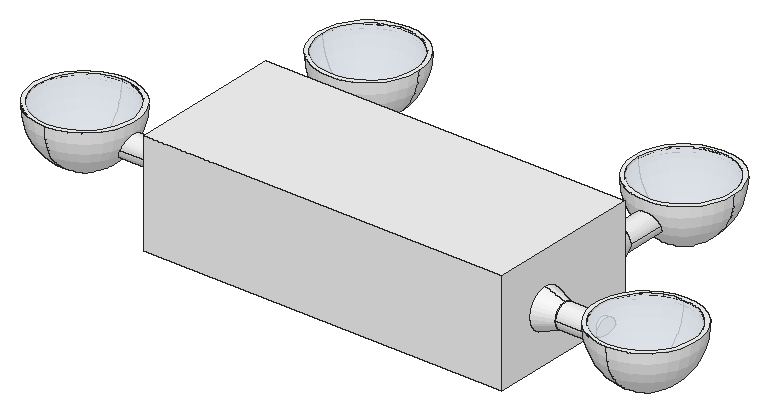
Revit family "LM", category Lighting Fixtures, host Face, Revit 2013
Parameters (values of type "LM 1")
  zz Angle 1 [instance] = if(Rotation Angle < 45.00°, 45.00°, if(Rotation Angle > 135.00°, 135.00°, Rotation Angle))  # 90.00°
  Wattage Comments = "130W"
  Watt = 130 W
  Voltage = 120 V
  URL = "http://www.dual-lite.com/"
  Product Page URL = "http://www.dual-lite.com/products/lf_lm"
  Product Documentation Link = "http://cdn.dual-lite.com/content/products/specs/specs_files/dlt_lm_specsht.pdf"
  Power factor = 1
  Model = "LM"  # constant formula
  Manufacturer Phone = "864-678-1000"  # constant formula
  Manufacturer Fax = "866-898-0131"  # constant formula
  Manufacturer = "Dual-Lite Lighting"  # constant formula
  Load Classification = Lighting
  Lens = Hubbell - Glass
  Lamp = "LED Lamp"  # constant formula
  Housing = LM Housing : LM Housing1
  Height = 5.750"
  LAMP Height = 4.000"
  Finish = Hubbell - White
  Width = 13.500"
  Description = "Emergency Light, Steel Housing"  # constant formula
  Depth = 3.875"
  Default Elevation = 48.000"
  Assembly Code = ""
  Apparent Load = 2.7 VA  # constant formula
  Rotation Angle [instance] = 90.00°
  277 Voltage = not([120 Voltage])  # no
  120 Voltage = yes
Types (2): name | Housing | LAMP Height
  LM 1 | LM Housing : LM Housing1 | 4.000"
  LM 2 | LM Housing : LM Housing 2 | 2.000"
Reference planes (in)
  plane 1 "Center (Front/Back)": y = 0
  plane 2: z = 0
  plane 3 "Center (Left/Right)": x = 0
  plane 4: y = 5.75
  plane 5: y = -5.75
  plane 6: z = 3.875
  plane 7: x = 2
  plane 8: x = -5.9375
  plane 9: z = 1.9375
  plane 10: x = -6.75
  plane 11: x = 6.75
  plane 12: x = 5.9375
  plane 13: x = -7.875
  plane 14: x = 7.875
  plane 15: y = -3.75
  plane 16: y = -7.75
Dimensions and locks (in)
  locked: plane 4 to plane 1 "Center (Front/Back)" at 5.75
  plane 6 to plane 2 = 3.875"
  equal spacing: plane 6, plane 9, level
  equal spacing: plane 10, plane 3 "Center (Left/Right)", plane 11
  "Height": plane 5 to plane 1 "Center (Front/Back)"
  "Depth": plane 6 to host face
  "LAMP Height": plane 15 to plane 16
  "zz Angle 1": angle nested 1 to plane 8
  "zz Angle 1": angle nested 2 to plane 9
  aligned and locked: plane 2 to host face
  aligned and locked: level to host face
  aligned and locked: plane 9 to nested 1
  aligned and locked: plane 8 to nested 1
  aligned and locked: plane 9 to nested 2
  aligned and locked: plane 3 "Center (Left/Right)" to nested 5
  aligned and locked: nested 5 to plane 1 "Center (Front/Back)"
  aligned and locked: plane 15 to nested 4
  aligned and locked: nested 3 to plane 15
  aligned and locked: plane 9 to nested 3
  aligned and locked: plane 9 to nested 4
Automatic sketch dimensions
  host sketch curve to host sketch curve = 96.000"  (x2)
Nested families (in)
  nested 1: "LM Retrofit" at (-5.9375, 0, 1.9375) x (1, 0, 0) z (0, 1, 0), type "LM Retrofit"
    with zz Length 1 1.000", Single Face no, Double Face yes
  nested 2: "LM Retrofit" at (5.9375, 0, 1.9375) x (1, 0, 0) z (0, 1, 0), type "LM Retrofit"
    with zz Length 1 1.000", Single Face no, Double Face yes
  nested 3: "LM Retrofit" at (6.75, -3.75, 1.9375) x (0, -1, 0) z (1, 0, 0), type "LM Retrofit"
    with zz Length 1 1.000", Single Face no, Double Face yes
  nested 4: "LM Retrofit" at (-6.75, -3.75, 1.9375) x (0, 1, 0) z (-1, 0, 0), type "LM Retrofit"
    with zz Length 1 1.000", Single Face no, Double Face yes
  nested 5: "LM Housing" at (0, -2.875, 0), type <- "Housing", type "LM Housing1"
    with zz Length 1 1.000", Single Face no, Double Face yes
Connectors (in)
  electrical at (0, -2.875, 0), driven by "Voltage", driven by "Apparent Load"
    settings: on nested 5, index 1, voltage 120 V, apparent load 2.7 VA, apparent load phase1 0 VA, apparent load phase2 0 VA, apparent load phase3 0 VA, power factor 1, load classification "Other", number of poles 1, system type 30, power factor state 1, is connector primary yes, connector utility no, sub classification motor no, connector description "Lighting Connector"
Definition of nested family "LM Retrofit"
  Parameters (values of type "CWRS")
    zz Length 1 [instance] = if(Single Face, 0.850", 1.000")  # 1.000"
    Watts = 1.88 W
    Wattage Comments = "1.78 - 1.88 W"
    Wattage = 130 W
    built-in parameter 1150110 = 1 (stored number, unit not read)
    Voltage = 120 V
    URL = ""
    built-in parameter 1114217 = 1 (stored number, unit not read)
    Tilt Angle = 60.00°
    built-in parameter 1150109 = 1 (stored number, unit not read)
    built-in parameter 1150134 = 3
    built-in parameter 1150113 = 1 (stored number, unit not read)
    Single Face [instance] = no
    Product Page URL = ""
    Product Documentation Link = ""
    Photometric Web File = "lm-0607.ies"
    Model = ""
    Manufacturer Phone = "864-678-1000"
    Manufacturer Fax = "866-898-0131"
    Manufacturer = ""
    built-in parameter 1150105 = 1536.7 (stored number, unit not read)
    Lumens = 19310.5 lm
    built-in parameter 1150115 = 1 (stored number, unit not read)
    Load Classification = Lighting
    built-in parameter 1150137 = (empty or 0)
    built-in parameter 1150139 = (empty or 0)
    Lens = Hubbell - Glass
    built-in parameter 1150112 = 1 (stored number, unit not read)
    built-in parameter 1150114 = 1 (stored number, unit not read)
    Lamp = "LED Lamp"  # constant formula
    Is 277VAC = not(Is 120VAC)  # no
    Is 120VAC = yes
    built-in parameter 1150132 = (empty or 0)
    built-in parameter 1150102 = (empty or 0)
    built-in parameter 1150107 = 3200 (stored number, unit not read)
    built-in parameter 1150138 = (empty or 0)
    built-in parameter 1150106 = 15.367 (stored number, unit not read)
    Finish = Hubbell - White
    Emit from Circle Diameter = 3.000"
    Emit Shape Visible in Rendering = no
    built-in parameter 1150104 = 13.8 (stored number, unit not read)
    Double Face [instance] = not(Single Face)  # yes
    Dimming Lamp Color Temperature Shift = (empty or 0)
    Description = ""
    Default Elevation = 48.000"
    Color Filter = 16777215
    built-in parameter 1114218 = 1 (stored number, unit not read)
    built-in parameter 1150133 = 10 (stored number, unit not read)
    Apparent Load = Watts  # 1.88 VA
  Reference planes (in)
    plane 1 "Center (Front/Back)": y = 0
    plane 2: z = 0
    plane 3 "Center (Left/Right)": x = 0
    plane 4: z = 5.75
    plane 5: y = 1.3
    plane 6: y = -1.3
    plane 7: x = -2.145
    plane 8: x = 2.145
    plane 9: z = 1.88723
  Forms (in)
    Extrusion 1, solid
      sketch origin (0, 0, 0) x (1, 0, 0) y (0, 1, 0)
        loop
          line (-48, 48) -> (-48, -48) -> (48, -48) -> (48, 48) -> (-48, 48)
      from 0 to -4.36577
    Revolve 2, solid, material "Hubbell - White" <- "Finish"
      sketch origin (0, 0, 0) x (0, 1, 0) y (0, 0, 1)
        loop
          line (0, 0) -> (0.73706, 0) -> (0.44916, 0.75) -> (0, 0.75) -> (0, 0)
        axis (0, 0.75) -> (0, 0)
      angle from 0 to 360
    Extrusion 3, solid, material "Hubbell - White" <- "Finish"
      sketch origin (0, 0, 0) x (1, 0, 0) y (0, 1, 0)
        loop
          circle (0, 0) r 0.44916
      from 0.75 to 2.29964
    Sweep 4, solid, material "Hubbell - White" <- "Finish"
      path origin (0, 0, 0) x (1, 0, 0) y (0, 0, 1)
        loop
          circle (0, 3.81234) r 1.85987
      profile origin (0, 0, 5.67221) x (0, 0, -1) y (0, -1, 0)
        loop
          line (0.11929, 0.85058) -> (-0.03073, 0.85058)
          arc (-0.03073, 0.85058) -> (0.40851, -0.50153) -> (1.58477, -1.3) r 2.19259
          line (1.58477, -1.3) -> (1.72309, -1.3) -> (1.72309, -1.1441) -> (1.58477, -1.1441)
          arc (1.58477, -1.1441) -> (0.51549, -0.39401) -> (0.11929, 0.85058) r 2.04259
    Extrusion 5, solid, material "Hubbell - Glass" <- "Lens"
      sketch origin (0, 0, 0) x (1, 0, 0) y (0, 0, 1)
        loop
          circle (0, 3.81234) r 1.74058
      from 0.68024 to 0.79946
    Extrusion 6, solid, material "Hubbell - White" <- "Finish"
      sketch origin (-10.77133, 1.3, 48) x (-1, 0, 0) y (0, 0, 1)
        loop
          circle (-10.77133, -44.18766) r 0.2751
      from 0 to -0.09376
  Cuts and joins
    joined: Sweep 4, Extrusion 6
  Lines and regions (in)
    reference lines
      curve 1: arc (0, 1.2456, 0.25774) -> (0, 0.76184, 0.48384) -> (0, 0.625, 1) r 0.63057
      curve 2: arc (0, -0.625, 1) -> (0, 0.30921, 1.08362) -> (0, -0.13539, 0.25774) r 0.53261
      curve 3: line (0, 0, 0) -> (0, 4.25, 0)
  Dimensions and locks (in)
    equal spacing: plane 5, plane 1 "Center (Front/Back)", plane 6
    plane 5 to plane 1 "Center (Front/Back)" = 1.300"
    equal spacing: plane 7, plane 3 "Center (Left/Right)", plane 8
    plane 7 to plane 3 "Center (Left/Right)" = 2.145"
    plane 4 to level = 5.750"
    aligned and locked: plane 2 to Extrusion 1
    aligned and locked: level to Extrusion 1
    aligned and locked: Extrusion 6 sketch curve to Sweep 4
    aligned and locked: Extrusion 5 sketch curve to cut or joined group of Sweep 4, Extrusion 6  (x2)
  Automatic sketch dimensions
    Extrusion 1 sketch curve to Extrusion 1 sketch curve = 96.000"  (x2)
    plane 6 to curve 2 = 1.16461"
    plane 1 "Center (Front/Back)" to curve 2 = 0.625"
    curve 1 to plane 1 "Center (Front/Back)" = 0.625"
    curve 1 to plane 5 = 0.0544"
    level to curve 1 = 0.25774"
    level to curve 2 = 0.25774"
    level to curve 2 = 1.000"
    level to curve 1 = 1.000"
    curve 3 to plane 3 "Center (Left/Right)" = 0.000"
    plane 1 "Center (Front/Back)" to curve 3 = 0.000"
    plane 5 to curve 3 = 2.950"
    Revolve 2 sketch curve to level = 0.000"
    Revolve 2 sketch curve to plane 1 "Center (Front/Back)" = 0.000"  (x2)
    Revolve 2 sketch curve to Revolve 2 sketch curve = 0.44916"
    Revolve 2 sketch curve to plane 5 = 0.56294"
    Revolve 2 sketch curve to level = 2.08222"
    Revolve 2 sketch curve to Revolve 2 sketch curve = 0.750"
    plane 9 to Revolve 2 sketch curve = 0.03054"
    plane 1 "Center (Front/Back)" to Extrusion 3 sketch curve = 0.000"
    Extrusion 3 sketch curve to plane 3 "Center (Left/Right)" = 0.000"
    Sweep 4 sketch curve to plane 3 "Center (Left/Right)" = 0.000"
    plane 9 to Sweep 4 sketch curve = 1.92511"
    Sweep 4 sketch curve to Sweep 4 sketch curve = 0.000"  (x3)
    profile plane to Sweep 4 sketch curve = 0.03073"
    Sweep 4 sketch curve to plane 1 "Center (Front/Back)" = 1.300"
    Sweep 4 sketch curve to profile plane = 0.11929"
    Sweep 4 sketch curve to profile plane = 1.58477"
    Sweep 4 sketch curve to Sweep 4 sketch curve = 0.13833"
    plane 1 "Center (Front/Back)" to Sweep 4 sketch curve = 0.81536"
    Sweep 4 sketch curve to Sweep 4 sketch curve = 0.43848"
    radius of Extrusion 3 sketch curve = 0.44916"
    radius of Sweep 4 sketch curve = 1.85987"
Definition of nested family "LM Housing"
  Parameters (values of type "LM Housing 2")
    zz Length 1 [instance] = if(Single Face, 0.850", 1.000")  # 1.000"
    Width = 15.750"
    Watts = 1.88 W
    Wattage Comments = "1.78 - 1.88 W"
    Voltage = 120 V
    URL = ""
    Single Face [instance] = no
    Product Page URL = ""
    Product Documentation Link = ""
    Model = ""
    Manufacturer Phone = "864-678-1000"
    Manufacturer Fax = "866-898-0131"
    Manufacturer = ""
    Load Classification = Lighting
    Lens = Hubbell - Glass
    Lamp = "LED Lamp"  # constant formula
    Is 277VAC = not(Is 120VAC)  # no
    Is 120VAC = yes
    Height = 7.750"
    Finish = Hubbell - White
    Double Face [instance] = not(Single Face)  # yes
    Description = ""
    Depth = 4.750"
    Default Elevation = 48.000"
    Apparent Load = Watts  # 1.88 VA
  Types (3): name | Width | Height | Depth
    (no name) | 15.750" | 7.750" | 4.750"
    LM Housing1 | 13.500" | 5.750" | 3.875"
    LM Housing 2 | 15.750" | 7.750" | 4.750"
  Reference planes (in)
    plane 1 "Center (Front/Back)": y = 0
    plane 2: z = 0
    plane 3 "Center (Left/Right)": x = 0
    plane 4: z = 4.75
    plane 5: y = 3.875
    plane 6: y = -3.875
    plane 7: x = -7.875
    plane 8: x = 7.875
    plane 9: z = 1.88723
  Forms (in)
    Extrusion 1, solid
      sketch origin (0, 0, 0) x (1, 0, 0) y (0, 1, 0)
        loop
          line (-48, 48) -> (-48, -48) -> (48, -48) -> (48, 48) -> (-48, 48)
      from 0 to -4.36577
    Extrusion 2, solid, material "Hubbell - White" <- "Finish"
      sketch origin (0, 0, 0) x (1, 0, 0) y (0, 1, 0)
        loop
          line (-7.875, 3.875) -> (-7.875, -3.875) -> (7.875, -3.875) -> (7.875, 3.875) -> (-7.875, 3.875)
      from 0 to 4.75
  Lines and regions (in)
    reference lines
      curve 1: arc (0, 3.8206, 0.25774) -> (0, 2.18027, 0.44574) -> (0, 0.625, 1) r 7.25006
      curve 2: arc (0, -0.625, 1) -> (0, -1.60361, 0.44884) -> (0, -2.71039, 0.25774) r 3.3006
      curve 3: line (0, 0, 0) -> (0, 6.825, 0)
  Dimensions and locks (in)
    equal spacing: plane 7, plane 3 "Center (Left/Right)", plane 8
    plane 4 to level = 4.750"
    "Width": plane 7 to plane 8
    "Depth": plane 4 to Extrusion 1
    "Height": plane 5 to plane 6
    equal spacing: plane 5, plane 1 "Center (Front/Back)", plane 6
    aligned and locked: plane 2 to Extrusion 1
    aligned and locked: level to Extrusion 1
    aligned and locked: Extrusion 2 sketch curve to plane 5
    aligned and locked: plane 7 to Extrusion 2 sketch curve
    aligned and locked: plane 6 to Extrusion 2 sketch curve
    aligned and locked: Extrusion 2 sketch curve to plane 8
    aligned and locked: plane 4 to Extrusion 2
  Automatic sketch dimensions
    Extrusion 1 sketch curve to Extrusion 1 sketch curve = 96.000"  (x2)
    plane 6 to curve 2 = 1.16461"
    plane 1 "Center (Front/Back)" to curve 2 = 0.625"
    curve 1 to plane 1 "Center (Front/Back)" = 0.625"
    curve 1 to plane 5 = 0.0544"
    level to curve 1 = 0.25774"
    level to curve 2 = 0.25774"
    level to curve 2 = 1.000"
    level to curve 1 = 1.000"
    curve 3 to plane 3 "Center (Left/Right)" = 0.000"
    plane 1 "Center (Front/Back)" to curve 3 = 0.000"
    plane 5 to curve 3 = 2.950"
